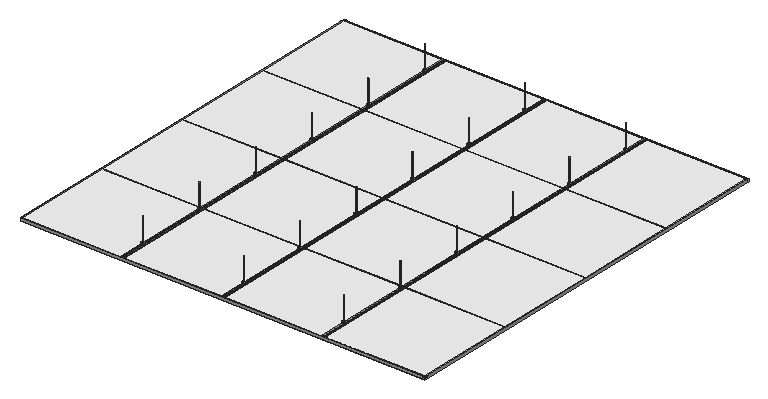
Revit family "FalsoTecho_THU_Bandeja-Capri", category Modelos genéricos, Revit 2016 (continued)
Definition of nested family "Perfil_THU_Triangulo"
  Definition of nested family "Tirantes_THU"
    Automatic sketch dimensions
      plane 3 "Centro (Izquierda/Derecha)" to Extrusion 3 sketch curve = 1 mm
      Extrusion 2 sketch curve to plane 7 "Pieza de cuelgue_Lateral derecho" = 0 mm
      Extrusion 4 sketch curve to level = 0 mm
      radius of Extrusion 1 sketch curve = 1.5 mm
Types (4, lengths in mm): name | Triangulo Oculto | Tirantes_Separación real | Tirantes_Recuento | Tirante_Longitud | THU_Subestructura_Color | THU_Perfil secundario | THU_Perfil primario | THU_Falso techo_Área | THU_Bandeja | T24 | T15 | Solape_Perfil y tirante | Perfiles perimetrales_Desfase vertical | Perfil_Altura | Perfil secundario_Longitud | Perfil primario_Longitud | Perfil perimetral trans_Longitud | Perfil perimetral long_Longitud | Falso techo_Longitud real | Falso techo_Anchura real | Bandejas_Separación | Bandeja_Longitud | Bandeja_Grosor | Bandeja_Descuelgue | Bandeja_Anchura
  (no name) | yes | 700 | 6 | 250 | THU_Acero galvanizado | Perfil_THU_Triangulo : Perfil Triangulo Oculto-Secundario | Perfil_THU_Triangulo : Perfil Triangulo Oculto-Primario | 16.00 m² | Bandeja_THU_Capri : Acero_CLIP-IN_1000x1000 | no | no | 0 | 3 | 30 | 4000 | 4000 | 4024 | 3976 | 4000 | 4000 | 0 | 1000 | 43 | 5 | 1000
  Acero_Enrasada_1000x1000 | no | 872.75 | 5 | 257 | THU_Blanco-RAL9010 | Perfil_THU_T24 : Perfil T24-Secundario | Perfil_THU_T24 : Perfil T24-Primario | 15.9281 m² | Bandeja_THU_Capri : Acero_Enrasada_1000x1000 | yes | no | 7 | 1 | 33 | 3991 | 3991 | 4015 | 3967 | 3991 | 3991 | 9 | 991 | 25 | 1 | 991
  Acero_Descolgada-8mm_1000x1000 | no | 872.75 | 5 | 262 | THU_Blanco-RAL9010 | Perfil_THU_T15 : Perfil T15-Secundario | Perfil_THU_T15 : Perfil T15-Primario | 15.9281 m² | Bandeja_THU_Capri : Acero_Descolgada-8mm_1000x1000 | no | yes | 12 | 7 | 38 | 3991 | 3991 | 4015 | 3967 | 3991 | 3991 | 9 | 991 | 30 | 6.2 | 991
  Acero_CLIP-IN_1000x1000 | yes | 700 | 6 | 250 | THU_Acero galvanizado | Perfil_THU_Triangulo : Perfil Triangulo Oculto-Secundario | Perfil_THU_Triangulo : Perfil Triangulo Oculto-Primario | 16.00 m² | Bandeja_THU_Capri : Acero_CLIP-IN_1000x1000 | no | no | 0 | 3 | 30 | 4000 | 4000 | 4024 | 3976 | 4000 | 4000 | 0 | 1000 | 43 | 5 | 1000
